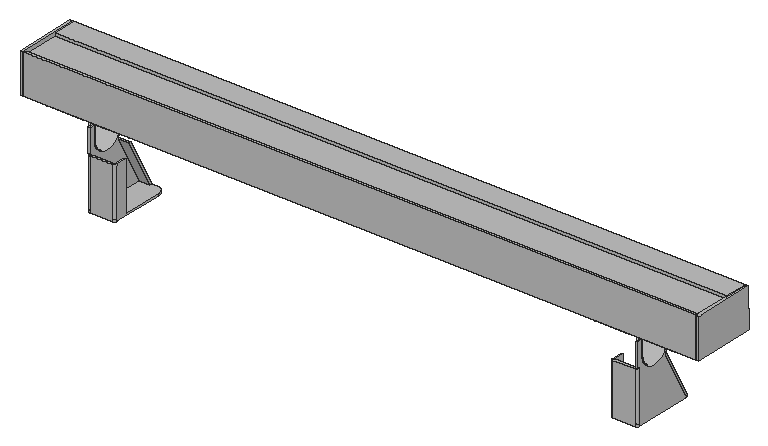
Revit family "4070751+4070747+4070771 Feilo Sylvania Lighting Fixtures CURSUS 591MM 414LM OVAL LED 3K with SINGLE WALL HOUSING with 70MM WALL BRACKET", category Lighting Fixtures, host Face, Revit 2017
Family settings
  Host = Face
  Round Connector Dimension = Use Diameter
  Part Type = Normal
  OmniClass Number = 23.80.70.14
  OmniClass Title = Luminaries for External Lighting
  Cut with Voids When Loaded = Yes
  Light Source = No
  Shared = No
  Room Calculation Point = No
Parameters (values of type "4070751 CURSUS 591MM 414LM OVAL LED 3K")
  Weight = "1.2 kg"
  Wattage Comments = "n/a"
  WarrantyStartDate [instance] = "n/a"
  WarrantyGuarantorParts = "n/a"
  WarrantyDurationUnit = "n/a"
  WarrantyDurationParts = "n/a"
  WarrantyDescription = "n/a"
  Voltage = 24 V
  URL = "http://www.sylvania-lighting.com"
  TypeName = "CURSUS 591MM 414LM OVAL LED 3K"
  TypeFixture_FEILO = CURSUS with SINGLE WALL HOUSING : CURSUS 591MM 414LM OVAL LED 3K
  Type Image = <None>
  Type Comments = "n/a"
  TiltAngle [instance] = 0.00°
  StartAngle [instance] = TiltAngle + 270.00°  # 270.00°
  SerialNumber [instance] = "n/a"
  ReflectorMaterial = none
  PowerFactor = 0
  PowerConsumption = "9 W"
  NominalLength = 591 mm
  NominalHeight = 50 mm
  NominalDepth = 30 mm
  Name = "CURSUS 591MM 414LM OVAL LED 3K"
  ModelReference = Name  # "CURSUS 591MM 414LM OVAL LED 3K"
  ModelNumber = "4070751"
  Model = Name  # "CURSUS 591MM 414LM OVAL LED 3K"
  Material = "natural anodised extruded aluminium structure housing, optical system with pmma lenses diffuser"
  ManufacturerName = "Feilo Sylvania"
  Manufacturer = "Feilo Sylvania"
  LuminousEfficacy = "46 lm/W"
  LuminaireType = ""
  LightOutputRatio = "100"
  LampsType = Lamp  # "LED"
  LampNominalLuminous = "414 lm"
  LampMacAdamStep = "n/a"
  LampColourTemperature = "3000 K"
  LampColourRenderingIndex = "80"
  Lamp = "LED"
  Keynote = "16500"
  InstallationDate [instance] = "n/a"
  InputVoltage = "24V DC"
  InputNominalFrequency = "n/a"
  IngressProtection = "IP67"
  ImpactProtectionIndex = "IK07"
  IfcExportType = "IfcLightFixtureType"
  IfcExportAs = "IfcLightFixtureType"
  ExpectedLife = 50000
  EndAngle [instance] = StartAngle - 180.00°  # 90.00°
  ElectricShockClassification = "Class III"
  DurationUnit = "hours"
  DocumentationLiterature = "http://www.sylvania-lighting.com/product/en-int/products/4070751"
  DimmingControlOptions = "n/a"
  DiffuserMaterial = Diffuser-Sylvania-Glow
  Description = "LED Exterior Lighting Recessed Surface Mounted Linear Fixture, Natural anodised extruded aluminium structure. Die-cast aluminium end caps. Installation kit with harmonic steel springs., 414 lm, 9W, 46lm/W, 3000K, CRI80+,non dimmable,IP67, IK07, (HxWxD) 591x50x30mm, 3 step Mac Adam Ellipse, 1.2kg,, Classe III, 21-25V-DC, energy class : A++, A+, A"
  Default Elevation = 1219.2 mm
  CreatedOn = "1/8/2018"
  CreatedBy = ""
  Cost = 0
  built-in parameter 1114216 [instance] = (empty or 0)
  ClassificationValue = "EF_70_80"
  ClassificationName = "Uniclass2015"
  BracketWidth = 24 mm
  BracketThickness = 2 mm
  BracketHeightEnd = 32 mm
  BracketHeight = 55 mm
  BracketFlange = BracketHeight / 5  # 11 mm
  BracketExtension = 70 mm
  BracketEndReduction = 25 mm
  BracketC = 22 mm  # constant formula
  BracketDistance = 460 mm
  BracketD = BracketHeightEnd - (BracketC * (BracketHeight - BracketHeightEnd) / (BracketExtension - BracketEndReduction))  # 20.756 mm
  BodyMaterial = Body-Sylvania-Gray
  BarCode [instance] = "n/a"
  AssetType = "Fixed"
  AssetIdentifier [instance] = "n/a"
  Assembly Code = "D5020200"
  Apparent Load = 9 VA
  AccessoryMaterial = Diffuser-Sylvania-Glow
Reference planes
  plane 1 "Center (Front/Back)": y = 0
  plane 2: z = 0
  plane 3 "Center (Left/Right)": x = 0
  plane 4: x = -242
  plane 5: x = 242
  plane 6: y = 55
  plane 7: x = -218
  plane 8: x = 218
  plane 9: z = 70
  plane 10: z = 56
  plane 11: z = 2
  plane 12: z = 45
  plane 13: x = -240
  plane 14: y = 53
  plane 15: y = 2
  plane 16: x = -220
  plane 17: x = 220
  plane 18: x = 240
  plane 19: x = -230
  plane 20: x = 230
  plane 21: y = 11
  plane 22: y = 32
  plane 23: y = 30
  plane 24: z = 67
  plane 25: y = 20.756
  plane 26: y = 16
Forms (mm)
  Blend 1, solid, material "Body-Sylvania-Gray" <- "BodyMaterial"
    base sketch origin (1223.4, -4572, 2) x (0, -1, 0) y (1, 0, 0)
      loop
        line (-4625, -1453.4) -> (-4627, -1453.4) -> (-4627, -1463.4)
        arc (-4627, -1463.4) -> (-4626.414, -1464.814) -> (-4625, -1465.4) r 2
        line (-4625, -1465.4) -> (-4574, -1465.4)
        arc (-4574, -1465.4) -> (-4572.586, -1464.814) -> (-4572, -1463.4) r 2
        line (-4572, -1463.4) -> (-4572, -1443.4)
        arc (-4572, -1443.4) -> (-4572.586, -1441.986) -> (-4574, -1441.4) r 2
        line (-4574, -1441.4) -> (-4583, -1441.4) -> (-4583, -1443.4) -> (-4574, -1443.4) -> (-4574, -1463.4) -> (-4625, -1463.4) -> (-4625, -1453.4)
    top sketch origin (1223.4, -4572, 2) x (0, -1, 0) y (1, 0, 0)
      loop
        line (-4583, -1443.4) -> (-4574, -1443.4) -> (-4574, -1463.4) -> (-4602, -1463.4) -> (-4602, -1453.4) -> (-4604, -1453.4) -> (-4604, -1463.4)
        arc (-4604, -1463.4) -> (-4603.52, -1464.71) -> (-4602.309, -1465.4) r 2.028
        line (-4602.309, -1465.4) -> (-4574, -1465.4)
        arc (-4574, -1465.4) -> (-4572.586, -1464.814) -> (-4572, -1463.4) r 2
        line (-4572, -1463.4) -> (-4572, -1443.4)
        arc (-4572, -1443.4) -> (-4572.586, -1441.986) -> (-4574, -1441.4) r 2
        line (-4574, -1441.4) -> (-4583, -1441.4) -> (-4583, -1443.4)
    from 0 to 43
  Extrusion 2, solid, material "Body-Sylvania-Gray" <- "BodyMaterial"
    sketch origin (0, 0, 0) x (1, 0, 0) y (0, 1, 0)
      loop
        arc (-240, 55) -> (-241.414, 54.414) -> (-242, 53) r 2
        line (-242, 53) -> (-242, 2)
        arc (-242, 2) -> (-241.414, 0.586) -> (-240, 0) r 2
        line (-240, 0) -> (-220, 0)
        arc (-220, 0) -> (-218.586, 0.586) -> (-218, 2) r 2
        line (-218, 2) -> (-218, 47.5)
        arc (-218, 47.5) -> (-220.197, 52.803) -> (-225.5, 55) r 7.5
        line (-225.5, 55) -> (-240, 55)
      loop
        line (240, 55) -> (225.5, 55)
        arc (225.5, 55) -> (220.197, 52.803) -> (218, 47.5) r 7.5
        line (218, 47.5) -> (218, 2)
        arc (218, 2) -> (218.586, 0.586) -> (220, 0) r 2
        line (220, 0) -> (240, 0)
        arc (240, 0) -> (241.414, 0.586) -> (242, 2) r 2
        line (242, 2) -> (242, 53)
        arc (242, 53) -> (241.414, 54.414) -> (240, 55) r 2
    from 0 to 2
  Blend 3, solid, material "Body-Sylvania-Gray" <- "BodyMaterial"
    base sketch origin (1223.4, -4572, 2) x (0, -1, 0) y (1, 0, 0)
      loop
        line (-4625, -983.4) -> (-4574, -983.4) -> (-4574, -1003.4) -> (-4583, -1003.4) -> (-4583, -1005.4) -> (-4574, -1005.4)
        arc (-4574, -1005.4) -> (-4572.586, -1004.814) -> (-4572, -1003.4) r 2
        line (-4572, -1003.4) -> (-4572, -983.4)
        arc (-4572, -983.4) -> (-4572.586, -981.986) -> (-4574, -981.4) r 2
        line (-4574, -981.4) -> (-4625, -981.4)
        arc (-4625, -981.4) -> (-4626.414, -981.986) -> (-4627, -983.4) r 2
        line (-4627, -983.4) -> (-4627, -993.4) -> (-4625, -993.4) -> (-4625, -983.4)
    top sketch origin (1223.4, -4572, 2) x (0, -1, 0) y (1, 0, 0)
      loop
        line (-4602, -993.4) -> (-4602, -983.4) -> (-4574, -983.4) -> (-4574, -1003.4) -> (-4583, -1003.4) -> (-4583, -1005.4) -> (-4574, -1005.4)
        arc (-4574, -1005.4) -> (-4572.586, -1004.814) -> (-4572, -1003.4) r 2
        line (-4572, -1003.4) -> (-4572, -983.4)
        arc (-4572, -983.4) -> (-4572.586, -981.986) -> (-4574, -981.4) r 2
        line (-4574, -981.4) -> (-4602, -981.4)
        arc (-4602, -981.4) -> (-4603.414, -981.986) -> (-4604, -983.4) r 2
        line (-4604, -983.4) -> (-4604, -993.4) -> (-4602, -993.4)
    from 0 to 43
  Blend 4, solid, material "Body-Sylvania-Gray" <- "BodyMaterial"
    base sketch origin (1223.4, -4572, 45) x (0, -1, 0) y (1, 0, 0)
      loop
        line (-4604, -1465.4) -> (-4572, -1465.4) -> (-4572, -1463.4) -> (-4604, -1463.4) -> (-4604, -1465.4)
    top sketch origin (1223.4, -4572, 45) x (0, -1, 0) y (1, 0, 0)
      loop
        line (-4572, -1465.4) -> (-4572, -1463.4) -> (-4592.756, -1463.4) -> (-4592.756, -1465.4) -> (-4572, -1465.4)
    from 0 to 22
  Blend 5, solid, material "Body-Sylvania-Gray" <- "BodyMaterial"
    base sketch origin (1223.4, -4572, 45) x (0, -1, 0) y (1, 0, 0)
      loop
        line (-4604, -983.4) -> (-4572, -983.4) -> (-4572, -981.4) -> (-4604, -981.4) -> (-4604, -983.4)
    top sketch origin (1223.4, -4572, 45) x (0, -1, 0) y (1, 0, 0)
      loop
        line (-4572, -981.4) -> (-4592.756, -981.4) -> (-4592.756, -983.4) -> (-4572, -983.4) -> (-4572, -981.4)
    from 0 to 22
  Extrusion 6, void
    sketch origin (0, 0, 0) x (0, 1, 0) y (0, 0, 1)
      loop
        line (0, 45) -> (2, 45) -> (2, 46.5) -> (0, 46.5) -> (0, 45)
      loop
        line (32, 45) -> (32, 46.5) -> (30, 46.5) -> (30, 45) -> (32, 45)
    from -242 to 242
  Revolve 7, solid, not visible
    sketch origin (1524, 16, 1219.2) x (1, 0, 0) y (0, 0, 1)
      loop
        line (-1524, -1152.2) -> (-1524, -1163.2) -> (-1294, -1163.2) -> (-1294, -1152.2) -> (-1524, -1152.2)
      axis (-1294, -1163.2) -> (-1524, -1163.2)
    angle from 270 <- "StartAngle" to 90 <- "EndAngle"
Cuts and joins
  Extrusion 6 cuts Blend 4
  Extrusion 6 cuts Blend 5
  joined: Blend 1, Extrusion 2, Blend 3, Blend 4, Blend 5
Lines and regions (mm)
  reference lines, not visible
    curve 1: line (-218, 16, 56) -> (218, 16, 56)
Dimensions and locks
  equal spacing: plane 4, plane 3 "Center (Left/Right)", plane 5
  "BracketDistance": plane 19 to plane 20
  "BracketHeight": plane 1 "Center (Front/Back)" to plane 6
  equal spacing: plane 7, plane 3 "Center (Left/Right)", plane 8
  "BracketWidth": plane 4 to plane 7
  "BracketExtension": plane 9 to plane 2
  "BracketThickness": plane 11 to plane 2
  "BracketEndReduction": plane 9 to plane 12
  equal spacing: plane 13, plane 3 "Center (Left/Right)", plane 18
  equal spacing: plane 16, plane 3 "Center (Left/Right)", plane 17
  "BracketThickness": plane 4 to plane 13
  "BracketThickness": plane 16 to plane 7
  "BracketThickness": plane 14 to plane 6
  "BracketThickness": plane 1 "Center (Front/Back)" to plane 15
  equal spacing: plane 4, plane 19, plane 7
  equal spacing: plane 8, plane 20, plane 5
  "BracketFlange": plane 1 "Center (Front/Back)" to plane 21
  "BracketHeightEnd": plane 1 "Center (Front/Back)" to plane 22
  "BracketThickness": plane 23 to plane 22
  locked: Extrusion 2 sketch curve to plane 7 at 7.5
  locked: Extrusion 2 sketch curve to plane 6 at 7.5  (x2)
  locked: plane 8 to Extrusion 2 sketch curve at 7.5
  "BracketC": plane 24 to plane 12
  "BracketD": plane 1 "Center (Front/Back)" to plane 25
  locked: plane 12 to Extrusion 6 sketch curve at 1.5
  equal spacing: plane 24, plane 10, plane 12
  equal spacing: plane 1 "Center (Front/Back)", plane 26, plane 22
  aligned and locked: plane 2 to host face
  aligned and locked: level to host face
  aligned and locked: plane 4 to Blend 1 sketch curve  (x2)
  aligned and locked: plane 13 to Blend 1 sketch curve  (x3)
  aligned and locked: Blend 1 sketch curve to plane 15
  aligned and locked: Blend 1 sketch curve to plane 16
  aligned and locked: Blend 1 sketch curve to plane 21
  aligned and locked: plane 7 to Blend 1 sketch curve
  aligned and locked: plane 16 to Blend 1 sketch curve
  aligned and locked: plane 1 "Center (Front/Back)" to Blend 1 sketch curve
  aligned and locked: plane 14 to Blend 1 sketch curve
  aligned and locked: Blend 1 sketch curve to var sketch  (x6)
  aligned and locked: Blend 1 sketch curve to plane 19
  aligned and locked: Blend 1 sketch curve to plane 22
  aligned and locked: plane 23 to Blend 1 sketch curve
  aligned and locked: plane 11 to Blend 1
  aligned and locked: Extrusion 2 sketch curve to Blend 1  (x3)
  aligned and locked: Extrusion 2 to level
  aligned and locked: Extrusion 2 to plane 11
  aligned and locked: Extrusion 2 sketch curve to plane 7
  aligned and locked: plane 18 to Blend 3 sketch curve  (x4)
  aligned and locked: plane 14 to Blend 3 sketch curve  (x2)
  aligned and locked: Blend 3 sketch curve to plane 20
  aligned and locked: Blend 3 sketch curve to plane 6
  aligned and locked: plane 5 to Blend 3 sketch curve
  aligned and locked: plane 1 "Center (Front/Back)" to Blend 3 sketch curve
  aligned and locked: plane 15 to Blend 3 sketch curve  (x2)
  aligned and locked: Blend 3 sketch curve to plane 8
  aligned and locked: Blend 3 sketch curve to plane 21
  aligned and locked: plane 17 to Blend 3 sketch curve
  aligned and locked: Blend 3 sketch curve to plane 18
  aligned and locked: plane 20 to Blend 3 sketch curve  (x2)
  aligned and locked: Blend 3 sketch curve to plane 23
  aligned and locked: Blend 3 sketch curve to var sketch  (x8)
  aligned and locked: var sketch to Blend 3 sketch curve
  aligned and locked: plane 22 to Blend 3 sketch curve
  aligned and locked: plane 11 to Blend 3
  aligned and locked: Extrusion 2 sketch curve to Blend 3  (x4)
  aligned and locked: Blend 1 to plane 12
  aligned and locked: Blend 3 to plane 12
  aligned and locked: Blend 4 sketch curve to plane 22
  aligned and locked: Blend 4 sketch curve to cut or joined group of Blend 1, Extrusion 2, Blend 3, Blend 4, Blend 5, Extrusion 6  (x2)
  aligned and locked: cut or joined group of Blend 1, Extrusion 2, Blend 3, Blend 4, Blend 5, Extrusion 6 to Blend 4 sketch curve
  aligned and locked: Blend 4 sketch curve to var sketch  (x2)
  aligned and locked: Blend 4 sketch curve to plane 13
  aligned and locked: Blend 4 to plane 24
  aligned and locked: Blend 4 sketch curve to plane 25
  aligned and locked: Blend 5 sketch curve to plane 18  (x2)
  aligned and locked: plane 1 "Center (Front/Back)" to Blend 5 sketch curve
  aligned and locked: plane 5 to Blend 5 sketch curve
  aligned and locked: plane 22 to Blend 5 sketch curve
  aligned and locked: Blend 5 sketch curve to var sketch
  aligned and locked: var sketch to Blend 5 sketch curve
  aligned and locked: Blend 5 sketch curve to plane 25
  aligned and locked: Blend 5 to plane 24
  aligned and locked: plane 12 to Blend 5
  aligned and locked: Extrusion 6 sketch curve to cut or joined group of Blend 1, Extrusion 2, Blend 3, Blend 4, Blend 5, Extrusion 6  (x2)
  aligned and locked: Extrusion 6 sketch curve to Extrusion 6 sketch curve
  aligned and locked: Extrusion 6 sketch curve to plane 15
  aligned and locked: plane 5 to Extrusion 6
  aligned and locked: Extrusion 6 to plane 4
  aligned and locked: Extrusion 6 sketch curve to plane 23
  aligned and locked: Revolve 7 sketch curve to plane 10  (x2)
  aligned and locked: plane 24 to Revolve 7 sketch curve
  aligned and locked: plane 3 "Center (Left/Right)" to Revolve 7 sketch curve
  aligned and locked: Revolve 7 sketch curve to plane 20
  aligned and locked: plane 7 to curve 1
  aligned and locked: plane 10 to curve 1
  aligned and locked: nested 1 to plane 5
  aligned and locked: nested 2 to plane 4
  aligned and locked: nested 1 to curve 1
  aligned and locked: nested 2 to curve 1
  aligned and locked: nested 1 to nested 3
  aligned and locked: nested 3 to plane 3 "Center (Left/Right)"
Automatic sketch dimensions
  host sketch curve to host sketch curve = 2438.4 mm  (x2)
  Blend 1 sketch curve to plane 13 = 0 mm
  plane 15 to Blend 1 sketch curve = 0 mm  (x3)
  Blend 1 sketch curve to plane 23 = 0.309 mm
  plane 6 to Blend 1 sketch curve = 0 mm
  plane 14 to Blend 1 sketch curve = 0 mm
  Blend 1 sketch curve to plane 19 = 0 mm
  Blend 3 sketch curve to plane 17 = 0 mm
  Extrusion 6 sketch curve to plane 1 "Center (Front/Back)" = 0 mm
  plane 12 to Extrusion 6 sketch curve = 0 mm
  Revolve 7 sketch curve to plane 4 = 1153 mm
  plane 5 to Revolve 7 sketch curve = 1161.4 mm
  curve 1 to plane 8 = 0 mm
Nested families
  nested 1: "MountingPlate" at (241, 16, 56) x (-1, 0, 0) z (0, 0, 1), type "MountingPlate"
  nested 2: "MountingPlate" at (-241, 16, 56) x (-1, 0, 0) z (0, 0, 1), type "MountingPlate"
  nested 3: "CURSUS with SINGLE WALL HOUSING" at (0, -4, 74) x (-1, 0, 0) z (0, 0, 1), type <- "TypeFixture_FEILO", type "CURSUS 591MM 414LM OVAL LED 3K"
    with WarrantyStartDate "n/a", SerialNumber "n/a", InstallationDate "n/a", EndCapRight yes, EndCapLeft yes, built-in parameter 1114216 (empty or 0), BarCode "n/a", AssetIdentifier "n/a"
Connectors
  electrical at (0, 0, 0), driven by "Voltage", driven by "Apparent Load", driven by "PowerFactor"
    settings: index 1, voltage 24 V, apparent load 9 VA, apparent load phase1 0 VA, apparent load phase2 0 VA, apparent load phase3 0 VA, power factor 0, load classification "Other", number of poles 1, system type 30, power factor state 1, is connector primary yes, connector utility no, sub classification motor no, connector description ""
Definition of nested family "MountingPlate"
  Parameters (values of type "MountingPlate")
    URL = "http://www.feilosylvania.com"
    Type Comments = "n/a"
    ReflectorMaterial = none
    MountingPlateWidth = 76 mm
    MountingPlateThickness = 2 mm
    MountingPlateRadiusBack = 12 mm
    MountingPlateRadius = 3 mm
    MountingPlateHeight = 35 mm
    Model = "n/a"
    Manufacturer = "Feilo Sylvania"
    Keynote = "n/a"
    DiffuserMaterial = none
    Description = "n/a"
    Default Elevation = 1219.2 mm
    Cost = 0
    BodyMaterial = none
    Assembly Code = "n/a"
    AccessoryMaterial = none
  Reference planes
    plane 1 "Center (Front/Back)": y = 0
    plane 2: z = 0
    plane 3 "Center (Left/Right)": x = 0
    plane 4: x = -38
    plane 5: x = 38
    plane 6: y = 17.5
    plane 7: y = -17.5
    plane 8: x = -3
    plane 9: x = 3
    plane 10: z = 18
    plane 11: z = 16
    plane 12: y = 12.5
    plane 13: y = -12.5
    plane 14: x = -1
    plane 15: x = 1
    plane 16: z = -12.5
    plane 17: z = -14.5
  Forms (mm)
    Extrusion 1, solid
      sketch origin (1.653, 0, 0) x (1, 0, 0) y (0, 1, 0)
        loop
          line (-1219.2, 1219.2) -> (-1219.2, -1219.2) -> (1219.2, -1219.2) -> (1219.2, 1219.2) -> (-1219.2, 1219.2)
      from 0 to -304.8
    Extrusion 2, solid, material <- "BodyMaterial"
      sketch origin (1218.4, -4572, 16) x (0, -1, 0) y (-1, 0, 0)
        loop
          line (-4589.5, 1253.4) -> (-4589.5, 1224.4)
          arc (-4589.5, 1224.4) -> (-4588.621, 1222.279) -> (-4586.5, 1221.4) r 3
          line (-4586.5, 1221.4) -> (-4557.5, 1221.4)
          arc (-4557.5, 1221.4) -> (-4555.379, 1222.279) -> (-4554.5, 1224.4) r 3
          line (-4554.5, 1224.4) -> (-4554.5, 1253.4)
          arc (-4554.5, 1253.4) -> (-4555.379, 1255.521) -> (-4557.5, 1256.4) r 3
          line (-4557.5, 1256.4) -> (-4586.5, 1256.4)
          arc (-4586.5, 1256.4) -> (-4588.621, 1255.521) -> (-4589.5, 1253.4) r 3
        loop
          arc (-4589.5, 1183.4) -> (-4588.621, 1181.279) -> (-4586.5, 1180.4) r 3
          line (-4586.5, 1180.4) -> (-4557.5, 1180.4)
          arc (-4557.5, 1180.4) -> (-4555.379, 1181.279) -> (-4554.5, 1183.4) r 3
          line (-4554.5, 1183.4) -> (-4554.5, 1212.4)
          arc (-4554.5, 1212.4) -> (-4555.379, 1214.521) -> (-4557.5, 1215.4) r 3
          line (-4557.5, 1215.4) -> (-4586.5, 1215.4)
          arc (-4586.5, 1215.4) -> (-4588.621, 1214.521) -> (-4589.5, 1212.4) r 3
          line (-4589.5, 1212.4) -> (-4589.5, 1183.4)
      from 0 to -2
    Extrusion 3, solid, material <- "BodyMaterial"
      sketch origin (0, 0, 0) x (1, 0, 0) y (0, 0, 1)
        loop
          line (-3, 18) -> (-3, -12.5) -> (-1, -12.5) -> (-1, 16)
          arc (-1, 16) -> (-1.586, 17.414) -> (-3, 18) r 2
        loop
          line (3, -12.5) -> (3, 18)
          arc (3, 18) -> (1.586, 17.414) -> (1, 16) r 2
          line (1, 16) -> (1, -12.5) -> (3, -12.5)
      from -12.5 to 12.5
    Extrusion 4, void
      sketch origin (0, 0, 0) x (0, 1, 0) y (0, 0, 1)
        loop
          line (-12.5, -0.5) -> (-17.5, -0.5) -> (-17.5, -14.5) -> (-0.5, -14.5) -> (-0.5, -12.5)
          arc (-0.5, -12.5) -> (-8.985, -8.985) -> (-12.5, -0.5) r 12
        loop
          line (0.5, -12.5) -> (0.5, -14.5) -> (17.5, -14.5) -> (17.5, -0.5) -> (12.5, -0.5)
          arc (12.5, -0.5) -> (8.985, -8.985) -> (0.5, -12.5) r 12
      from -3 to 3
  Cuts and joins
    Extrusion 4 cuts Extrusion 2
    Extrusion 4 cuts Extrusion 3
    joined: Extrusion 2, Extrusion 3
  Lines and regions (mm)
    reference lines
      curve 1: line (-38, 0, 0) -> (38, 0, 0)
  Dimensions and locks
    equal spacing: plane 4, plane 3 "Center (Left/Right)", plane 5
    "MountingPlateWidth": plane 4 to plane 5
    equal spacing: plane 7, plane 1 "Center (Front/Back)", plane 6
    "MountingPlateHeight": plane 7 to plane 6
    equal spacing: plane 8, plane 3 "Center (Left/Right)", plane 9
    "MountingPlateHeight": plane 4 to plane 8
    locked: plane 10 to plane 2 at 18
    "MountingPlateThickness": plane 10 to plane 11
    equal spacing: plane 13, plane 1 "Center (Front/Back)", plane 12
    locked: plane 13 to plane 12 at 25
    "MountingPlateRadius": plane 4 to Extrusion 2 sketch curve  (x2)
    "MountingPlateRadius": Extrusion 2 sketch curve to plane 6  (x4)
    "MountingPlateRadius": Extrusion 2 sketch curve to plane 8  (x2)
    "MountingPlateRadius": plane 7 to Extrusion 2 sketch curve  (x4)
    "MountingPlateRadius": plane 9 to Extrusion 2 sketch curve  (x2)
    "MountingPlateRadius": Extrusion 2 sketch curve to plane 5  (x2)
    equal spacing: plane 15, plane 3 "Center (Left/Right)", plane 14
    "MountingPlateThickness": plane 14 to plane 8
    locked: plane 2 to plane 16 at 12.5
    locked: plane 17 to plane 16 at 2
    "MountingPlateRadiusBack": plane 13 to Extrusion 4 sketch curve
    "MountingPlateRadiusBack": plane 16 to Extrusion 4 sketch curve  (x2)
    "MountingPlateRadiusBack": Extrusion 4 sketch curve to plane 12
    aligned and locked: plane 2 to Extrusion 1
    aligned and locked: level to Extrusion 1
    aligned and locked: Extrusion 2 sketch curve to plane 6
    aligned and locked: Extrusion 2 sketch curve to plane 4
    aligned and locked: plane 7 to Extrusion 2 sketch curve
    aligned and locked: plane 8 to Extrusion 2 sketch curve
    aligned and locked: plane 6 to Extrusion 2 sketch curve
    aligned and locked: Extrusion 2 sketch curve to plane 5
    aligned and locked: Extrusion 2 sketch curve to plane 7
    aligned and locked: plane 9 to Extrusion 2 sketch curve
    aligned and locked: Extrusion 2 to plane 10
    aligned and locked: plane 11 to Extrusion 2
    aligned and locked: Extrusion 3 sketch curve to Extrusion 2  (x2)
    aligned and locked: plane 16 to Extrusion 3 sketch curve  (x2)
    aligned and locked: plane 14 to Extrusion 3 sketch curve
    aligned and locked: plane 9 to Extrusion 3 sketch curve
    aligned and locked: plane 15 to Extrusion 3 sketch curve
    aligned and locked: Extrusion 3 to plane 12
    aligned and locked: plane 13 to Extrusion 3
    aligned and locked: plane 17 to Extrusion 4 sketch curve  (x2)
    aligned and locked: Extrusion 4 sketch curve to plane 7
    aligned and locked: Extrusion 4 sketch curve to plane 6
    aligned and locked: plane 9 to Extrusion 4
    aligned and locked: Extrusion 4 to plane 8
    aligned and locked: plane 4 to curve 1
    aligned and locked: curve 1 to level
  Automatic sketch dimensions
    Extrusion 1 sketch curve to Extrusion 1 sketch curve = 2438.4 mm  (x2)
    Extrusion 3 sketch curve to plane 11 = 0 mm
    curve 1 to plane 5 = 0 mm
    Extrusion 4 sketch curve to plane 13 = 0 mm
    Extrusion 4 sketch curve to plane 12 = 0 mm
Definition of nested family "CURSUS with SINGLE WALL HOUSING"
  Parameters (values of type "CURSUS 1161MM 827LM OVAL LED 3K")
    Width_FEILO = 35 mm
    Weight = "2.2 kg"
    Wattage Comments = "n/a"
    Wattage = 18 W
    WarrantyStartDate [instance] = "n/a"
    WarrantyGuarantorParts = "n/a"
    WarrantyDurationUnit = "n/a"
    WarrantyDurationParts = "n/a"
    WarrantyDescription = "n/a"
    WallThickness_FEILO = 2.5 mm
    built-in parameter 1150110 = 1 (stored number, unit not read)
    Voltage = 24 V
    URL = "http://www.feilosylvania.com"
    TypeName = "CURSUS 1161MM 827LM OVAL LED 3K"
    Type Image = (empty or 0)
    Type Comments = "n/a"
    built-in parameter 1114217 = 1 (stored number, unit not read)
    Tilt Angle = -90.00°
    built-in parameter 1150109 = 1 (stored number, unit not read)
    built-in parameter 1150134 = (empty or 0)
    built-in parameter 1150113 = 1 (stored number, unit not read)
    SerialNumber [instance] = "n/a"
    ReflectorMaterial = none
    PowerFactor = 0
    PowerConsumption = "18 W"
    Photometric Web File = "4070765.ies"
    NominalLength = 1161 mm
    NominalHeight = 50 mm
    NominalDepth = 30 mm
    Name = "CURSUS 1161MM 827LM OVAL LED 3K"
    ModelReference = Name  # "CURSUS 1161MM 827LM OVAL LED 3K"
    ModelNumber = ""
    Model = Name  # "CURSUS 1161MM 827LM OVAL LED 3K"
    Material = "natural anodised extruded aluminium structure housing, optical system with pmma lenses diffuser"
    ManufacturerName = "Feilo Sylvania"
    Manufacturer = "Feilo Sylvania"
    LuminousEfficacy = "45.94 lm/W"
    built-in parameter 1150105 = 1166.5 (stored number, unit not read)
    Lumens = 827 lm
    LuminaireType = ""
    built-in parameter 1150115 = 1 (stored number, unit not read)
    LightOutputRatio = "100"
    built-in parameter 1150137 = (empty or 0)
    built-in parameter 1150139 = (empty or 0)
    Length_FEILO = 1167 mm
    LampsType = Lamp  # "LED"
    LampNominalLuminous = "827 lm"
    LampMacAdamStep = "n/a"
    LampColourTemperature = "3000 K"
    LampColourRenderingIndex = "80"
    built-in parameter 1150112 = 1 (stored number, unit not read)
    built-in parameter 1150114 = 1 (stored number, unit not read)
    Lamp = "LED"
    Keynote = "16500"
    InstallationDate [instance] = "n/a"
    InputVoltage = "24V DC"
    InputNominalFrequency = "n/a"
    built-in parameter 1150132 = (empty or 0)
    built-in parameter 1150102 = (empty or 0)
    built-in parameter 1150107 = 3000 (stored number, unit not read)
    built-in parameter 1150138 = (empty or 0)
    IngressProtection = "IP67"
    ImpactProtectionIndex = "IK07"
    built-in parameter 1150106 = 11.665 (stored number, unit not read)
    IfcExportType = "IfcLightFixtureType"
    IfcExportAs = "IfcLightFixtureType"
    ExpectedLife = 50000
    EndCapRight [instance] = yes
    EndCapLeft [instance] = yes
    Emit from Rectangle Width = Width_FEILO - WallThickness_FEILO * 2  # 30 mm
    Emit from Rectangle Length = Length_FEILO - WallThickness_FEILO * 2  # 1162 mm
    Emit Shape Visible in Rendering = no
    ElectricShockClassification = "Class III"
    built-in parameter 1150104 = 4.2684 (stored number, unit not read)
    DurationUnit = "hours"
    DocumentationLiterature = "http://www.feilosylvania.com/product/en-int/products/4070765"
    DimmingControlOptions = "n/a"
    Dimming Lamp Color Temperature Shift = (empty or 0)
    DiffuserMaterial = none
    Description = "LED Exterior Lighting Recessed Surface Mounted Linear Fixture, Natural anodised extruded aluminium structure. Die-cast aluminium end caps. Installation kit with harmonic steel springs., 827 lm, 18W, 45lm/W, 3000K, CRI80+,non dimmable,IP67, IK07, (HxWxD) 1161x50x30mm, 3 step Mac Adam Ellipse, 2.2kg,, Classe III, 21-25V-DC, energy class : A++, A+, A"
    Default Elevation = 1219.2 mm
    CreatedOn = "1/8/2018"
    CreatedBy = "aron.fodor@feilosylvania.com"
    Cost = 0
    Color Filter = 16777215
    built-in parameter 1114216 [instance] = (empty or 0)
    ClassificationValue = "EF_70_80"
    ClassificationName = "Uniclass2015"
    BodyMaterial = none
    BarCode [instance] = "n/a"
    built-in parameter 1114218 = 1 (stored number, unit not read)
    built-in parameter 1150133 = 10 (stored number, unit not read)
    AssetType = "Fixed"
    AssetIdentifier [instance] = "n/a"
    Assembly Code = "D5020200"
    Apparent Load = 18 VA
    AccessoryMaterial = none
  Types (16, lengths in mm): name | Weight | Wattage | Voltage | TypeName | built-in parameter 1150134 | PowerConsumption | Photometric Web File | NominalLength | Name | ModelReference | Model | Material | LuminousEfficacy | built-in parameter 1150105 | Lumens | Length_FEILO | LampNominalLuminous | LampColourTemperature | InputVoltage | InputNominalFrequency | built-in parameter 1150107 | built-in parameter 1150106 | Emit from Rectangle Length | built-in parameter 1150104 | DocumentationLiterature | Description | Apparent Load
    CURSUS 1161MM 827LM OVAL LED 3K | "2.2 kg" | 18 W | 24 V | "CURSUS 1161MM 827LM OVAL LED 3K" | (empty or 0) | "18 W" | "4070765.ies" | 1161 | "CURSUS 1161MM 827LM OVAL LED 3K" | "CURSUS 1161MM 827LM OVAL LED 3K" | "CURSUS 1161MM 827LM OVAL LED 3K" | "natural anodised extruded aluminium structure housing, optical system with pmma lenses diffuser" | "45.94 lm/W" | 1166.5 (stored number, unit not read) | 827 lm | 1167 | "827 lm" | "3000 K" | "24V DC" | "n/a" | 3000 (stored number, unit not read) | 11.665 (stored number, unit not read) | 1162 | 4.2684 (stored number, unit not read) | "http://www.feilosylvania.com/product/en-int/products/4070765" | "LED Exterior Lighting Recessed Surface Mounted Linear Fixture, Natural anodised extruded aluminium structure. Die-cast aluminium end caps. Installation kit with harmonic steel springs., 827 lm, 18W, 45lm/W, 3000K, CRI80+,non dimmable,IP67, IK07, (HxWxD) 1161x50x30mm, 3 step Mac Adam Ellipse, 2.2kg,, Classe III, 21-25V-DC, energy class : A++, A+, A" | 18 VA
    CURSUS 1161MM 731LM WIDE LED 3K | "2.2 kg" | 18 W | 230 V | "CURSUS 1161MM 731LM WIDE LED 3K" | (empty or 0) | "18 W" | "4070764.ies" | 1161 | "CURSUS 1161MM 731LM WIDE LED 3K" | "CURSUS 1161MM 731LM WIDE LED 3K" | "CURSUS 1161MM 731LM WIDE LED 3K" | "natural anodised extruded aluminium structure housing" | "40.61 lm/W" | 403.47 (stored number, unit not read) | 731 lm | 1167 | "731 lm" | "3000 K" | "220-240V~" | "n/a" | 3000 (stored number, unit not read) | 4.0347 (stored number, unit not read) | 1162 | 3.7729 (stored number, unit not read) | "http://www.feilosylvania.com/product/en-int/products/4070764" | "LED Exterior Lighting Recessed Surface Mounted Linear Fixture, Natural anodised extruded aluminium structure. Die-cast aluminium end caps. Installation kit with harmonic steel springs., 731 lm, 18W, 40lm/W, 3000K, CRI80+,non dimmable,IP67, IK07, (HxWxD) 1161x50x30mm, 3 step Mac Adam Ellipse, 2.2kg,, Classe III, 21-25V-DC, energy class : A++, A+, A" | 18 VA
    CURSUS 1161MM 871LM OVAL LED 4K | "2.2 kg" | 18 W | 24 V | "CURSUS 1161MM 871LM OVAL LED 4K" | 12 | "18 W" | "4070763.ies" | 1161 | "CURSUS 1161MM 871LM OVAL LED 4K" | "CURSUS 1161MM 871LM OVAL LED 4K" | "CURSUS 1161MM 871LM OVAL LED 4K" | "natural anodised extruded aluminium structure housing, optical system with pmma lenses diffuser" | "48.38 lm/W" | 1192.8 (stored number, unit not read) | 871 lm | 1167 | "871 lm" | "4000 K" | "24V DC" | "50/60 Hz" | 4000 (stored number, unit not read) | 11.928 (stored number, unit not read) | 1162 | 4.4955 (stored number, unit not read) | "http://www.feilosylvania.com/product/en-int/products/4070763" | "LED Exterior Lighting Recessed Surface Mounted Linear Fixture, Natural anodised extruded aluminium structure. Die-cast aluminium end caps. Installation kit with harmonic steel springs., 871 lm, 18W,  48lm/W, 4000K, CRI80+,non dimmable,IP67, IK07, (HxWxD) 1161x50x30mm, 3 step Mac Adam Ellipse, 2.2kg,, Classe III, 21-25V-DC, energy class : A++, A+, A" | 18 VA
    CURSUS 1161MM 770LM WIDE LED 4K | "2.2 kg" | 18 W | 230 V | "CURSUS 1161MM 770LM WIDE LED 4K" | 12 | "18 W" | "4070762.ies" | 1161 | "CURSUS 1161MM 770LM WIDE LED 4K" | "CURSUS 1161MM 770LM WIDE LED 4K" | "CURSUS 1161MM 770LM WIDE LED 4K" | "natural anodised extruded aluminium structure housing" | "42.77 lm/W" | 424.94 (stored number, unit not read) | 770 lm | 1167 | "770 lm" | "4000 K" | "220-240V~" | "n/a" | 4000 (stored number, unit not read) | 4.2494 (stored number, unit not read) | 1162 | 3.9742 (stored number, unit not read) | "http://www.feilosylvania.com/product/en-int/products/4070762" | "LED Exterior Lighting Recessed Surface Mounted Linear Fixture, Natural anodised extruded aluminium structure. Die-cast aluminium end caps. Installation kit with harmonic steel springs., 770 lm, 18W,  42lm/W, 4000K, CRI80+,non dimmable,IP67, IK07, (HxWxD) 1161x50x30mm, 3 step Mac Adam Ellipse, 2.2kg,, Classe III, 21-25V-DC, energy class : A++, A+, A" | 18 VA
    CURSUS 876MM 620LM OVAL LED 3K | "1.7 kg" | 13.5 W | 24 V | "CURSUS 876MM 620LM OVAL LED 3K" | (empty or 0) | "13.5 W" | "4070758.ies" | 876 | "CURSUS 876MM 620LM OVAL LED 3K" | "CURSUS 876MM 620LM OVAL LED 3K" | "CURSUS 876MM 620LM OVAL LED 3K" | "natural anodised extruded aluminium structure housing, optical system with pmma lenses diffuser" | "45.92 lm/W" | 874.55 (stored number, unit not read) | 620 lm | 882 | "620 lm" | "3000 K" | "24V DC" | "50/60 Hz" | 3000 (stored number, unit not read) | 8.7455 (stored number, unit not read) | 877 | 4.2667 (stored number, unit not read) | "http://www.feilosylvania.com/product/en-int/products/4070758" | "LED Exterior Lighting Recessed Surface Mounted Linear Fixture, Natural anodised extruded aluminium structure. Die-cast aluminium end caps. Installation kit with harmonic steel springs., 620 lm, 13,5W, 45lm/W, 3000K, CRI80+,non dimmable,IP67, IK07, (HxWxD) 876x50x30mm, 3 step Mac Adam Ellipse, 1.7kg,, Classe III, 21-25V-DC, energy class : A++, A+, A" | 13.5 VA
    CURSUS 876MM 548LM WIDE LED 3K | "1.7 kg" | 13.5 W | 24 V | "CURSUS 876MM 548LM WIDE LED 3K" | (empty or 0) | "13.5 W" | "4070757.ies" | 876 | "CURSUS 876MM 548LM WIDE LED 3K" | "CURSUS 876MM 548LM WIDE LED 3K" | "CURSUS 876MM 548LM WIDE LED 3K" | "natural anodised extruded aluminium structure housing" | "40.59 lm/W" | 302.47 (stored number, unit not read) | 548 lm | 882 | "548 lm" | "3000 K" | "24V DC" | "n/a" | 3000 (stored number, unit not read) | 3.0247 (stored number, unit not read) | 877 | 3.7712 (stored number, unit not read) | "http://www.feilosylvania.com/product/en-int/products/4070757" | "LED Exterior Lighting Recessed Surface Mounted Linear Fixture, Natural anodised extruded aluminium structure. Die-cast aluminium end caps. Installation kit with harmonic steel springs., 548 lm, 13,5W, 40lm/W, 3000K, CRI80+,non dimmable,IP67, IK07, (HxWxD) 876x50x30mm, 3 step Mac Adam Ellipse, 1.7kg,, Classe III, 21-25V-DC, energy class : A++, A+, A" | 13.5 VA
    CURSUS 876MM 653LM OVAL LED 4K | "1.7 kg" | 13.5 W | 24 V | "CURSUS 876MM 653LM OVAL LED 4K" | 12 | "13.5 W" | "4070756.ies" | 876 | "CURSUS 876MM 653LM OVAL LED 4K" | "CURSUS 876MM 653LM OVAL LED 4K" | "CURSUS 876MM 653LM OVAL LED 4K" | "natural anodised extruded aluminium structure housing, optical system with pmma lenses diffuser" | "48.37 lm/W" | 894.28 (stored number, unit not read) | 653 lm | 882 | "653 lm" | "4000 K" | "24V DC" | "n/a" | 4000 (stored number, unit not read) | 8.9428 (stored number, unit not read) | 877 | 4.4938 (stored number, unit not read) | "http://www.feilosylvania.com/product/en-int/products/4070756" | "LED Exterior Lighting Recessed Surface Mounted Linear Fixture, Natural anodised extruded aluminium structure. Die-cast aluminium end caps. Installation kit with harmonic steel springs., 653 lm, 13,5W,  48lm/W, 4000K, CRI80+,non dimmable,IP67, IK07, (HxWxD) 876x50x30mm, 3 step Mac Adam Ellipse, 1.7kg,, Classe III, 21-25V-DC, energy class : A++, A+, A" | 13.5 VA
    CURSUS 876MM 577LM WIDE LED 4K | "1.7 kg" | 13.5 W | 24 V | "CURSUS 876MM 577LM WIDE LED 4K" | 12 | "13.5 W" | "4070755.ies" | 876 | "CURSUS 876MM 577LM WIDE LED 4K" | "CURSUS 876MM 577LM WIDE LED 4K" | "CURSUS 876MM 577LM WIDE LED 4K" | "natural anodised extruded aluminium structure housing" | "42.74 lm/W" | 318.43 (stored number, unit not read) | 577 lm | 882 | "577 lm" | "4000 K" | "24V DC" | "n/a" | 4000 (stored number, unit not read) | 3.1843 (stored number, unit not read) | 877 | 3.9707 (stored number, unit not read) | "http://www.feilosylvania.com/product/en-int/products/4070755" | "LED Exterior Lighting Recessed Surface Mounted Linear Fixture, Natural anodised extruded aluminium structure. Die-cast aluminium end caps. Installation kit with harmonic steel springs., 577 lm, 13,5W,  42lm/W, 4000K, CRI80+,non dimmable,IP67, IK07, (HxWxD) 876x50x30mm, 3 step Mac Adam Ellipse, 1.7kg,, Classe III, 21-25V-DC, energy class : A++, A+, A" | 13.5 VA
    CURSUS 591MM 414LM OVAL LED 3K | "1.2 kg" | 9 W | 24 V | "CURSUS 591MM 414LM OVAL LED 3K" | (empty or 0) | "9 W" | "4070751.ies" | 591 | "CURSUS 591MM 414LM OVAL LED 3K" | "CURSUS 591MM 414LM OVAL LED 3K" | "CURSUS 591MM 414LM OVAL LED 3K" | "natural anodised extruded aluminium structure housing, optical system with pmma lenses diffuser" | "46 lm/W" | 583.97 (stored number, unit not read) | 414 lm | 597 | "414 lm" | "3000 K" | "24V DC" | "n/a" | 3000 (stored number, unit not read) | 5.8397 (stored number, unit not read) | 592 | 4.2735 (stored number, unit not read) | "http://www.feilosylvania.com/product/en-int/products/4070751" | "LED Exterior Lighting Recessed Surface Mounted Linear Fixture, Natural anodised extruded aluminium structure. Die-cast aluminium end caps. Installation kit with harmonic steel springs., 414 lm, 9W, 46lm/W, 3000K, CRI80+,non dimmable,IP67, IK07, (HxWxD) 591x50x30mm, 3 step Mac Adam Ellipse, 1.2kg,, Classe III, 21-25V-DC, energy class : A++, A+, A" | 9 VA
    CURSUS 591MM 365LM WIDE LED 3K | "1.2 kg" | 9 W | 24 V | "CURSUS 591MM 365LM WIDE LED 3K" | (empty or 0) | "9 W" | "4070750.ies" | 591 | "CURSUS 591MM 365LM WIDE LED 3K" | "CURSUS 591MM 365LM WIDE LED 3K" | "CURSUS 591MM 365LM WIDE LED 3K" | "natural anodised extruded aluminium structure housing" | "40.55 lm/W" | 201.45 (stored number, unit not read) | 365 lm | 597 | "365 lm" | "3000 K" | "24V DC" | "n/a" | 3000 (stored number, unit not read) | 2.0145 (stored number, unit not read) | 592 | 3.7677 (stored number, unit not read) | "http://www.feilosylvania.com/product/en-int/products/4070750" | "LED Exterior Lighting Recessed Surface Mounted Linear Fixture, Natural anodised extruded aluminium structure. Die-cast aluminium end caps. Installation kit with harmonic steel springs., 365 lm, 9W, 40lm/W, 3000K, CRI80+,non dimmable,IP67, IK07, (HxWxD) 591x50x30mm, 3 step Mac Adam Ellipse, 1.2kg,, Classe III, 21-25V-DC, energy class : A++, A+, A" | 9 VA
    CURSUS 591MM 435LM OVAL LED 4K | "1.2 kg" | 9 W | 24 V | "CURSUS 591MM 435LM OVAL LED 4K" | 12 | "9 W" | "4070749.ies" | 591 | "CURSUS 591MM 435LM OVAL LED 4K" | "CURSUS 591MM 435LM OVAL LED 4K" | "CURSUS 591MM 435LM OVAL LED 4K" | "natural anodised extruded aluminium structure housing, optical system with pmma lenses diffuser" | "48.33 lm/W" | 595.73 (stored number, unit not read) | 435 lm | 597 | "435 lm" | "4000 K" | "24V DC" | "n/a" | 4000 (stored number, unit not read) | 5.9573 (stored number, unit not read) | 592 | 4.4903 (stored number, unit not read) | "http://www.feilosylvania.com/product/en-int/products/4070749" | "LED Exterior Lighting Recessed Surface Mounted Linear Fixture, Natural anodised extruded aluminium structure. Die-cast aluminium end caps. Installation kit with harmonic steel springs., 435 lm, 9W, 48lm/W, 4000K, CRI80+,non dimmable,IP67, IK07, (HxWxD) 591x50x30mm, 3 step Mac Adam Ellipse, 1.2kg,, Classe III, 21-25V-DC, energy class : A++, A+, A" | 9 VA
    CURSUS 591MM 385LM WIDE LED 4K | "1.2 kg" | 9 W | 24 V | "CURSUS 591MM 385LM WIDE LED 4K" | 12 | "9 W" | "4070748.ies" | 591 | "CURSUS 591MM 385LM WIDE LED 4K" | "CURSUS 591MM 385LM WIDE LED 4K" | "CURSUS 591MM 385LM WIDE LED 4K" | "natural anodised extruded aluminium structure housing" | "42.77 lm/W" | 212.47 (stored number, unit not read) | 385 lm | 597 | "385 lm" | "4000 K" | "24V DC" | "n/a" | 4000 (stored number, unit not read) | 2.1247 (stored number, unit not read) | 592 | 3.9742 (stored number, unit not read) | "http://www.feilosylvania.com/product/en-int/products/4070748" | "LED Exterior Lighting Recessed Surface Mounted Linear Fixture, Natural anodised extruded aluminium structure. Die-cast aluminium end caps. Installation kit with harmonic steel springs., 385 lm, 9W,  42lm/W, 4000K, CRI80+,non dimmable,IP67, IK07, (HxWxD) 591x50x30mm, 3 step Mac Adam Ellipse, 1.2kg,, Classe III, 21-25V-DC, energy class : A++, A+, A" | 9 VA
    CURSUS 306MM 207LM OVAL LED3K | "0.6 kg" | 4.5 W | 24 V | "CURSUS 306MM 207LM OVAL LED3K" | (empty or 0) | "4.5 W" | "4070744.ies" | 306 | "CURSUS 306MM 207LM OVAL LED3K" | "CURSUS 306MM 207LM OVAL LED3K" | "CURSUS 306MM 207LM OVAL LED3K" | "natural anodised extruded aluminium structure housing, optical system with pmma lenses diffuser" | "46 lm/W" | 291.98 (stored number, unit not read) | 207 lm | 312 | "207 lm" | "3000 K" | "24V DC" | "n/a" | 3000 (stored number, unit not read) | 2.9198 (stored number, unit not read) | 307 | 4.2735 (stored number, unit not read) | "http://www.feilosylvania.com/product/en-int/products/4070744" | "LED Exterior Lighting Recessed Surface Mounted Linear Fixture, Natural anodised extruded aluminium structure. Die-cast aluminium end caps. Installation kit with harmonic steel springs., 207 lm, 4,5W, 46lm/W, 3000K, CRI80+,non dimmable,IP67, IK07, (HxWxD) 306x50x30mm, 3 step Mac Adam Ellipse, 0.6kg,, Classe III, 21-25V-DC, energy class : A++, A+, A" | 4.5 VA
    CURSUS 306MM 183LM WIDE LED 3K | "0.6 kg" | 4.5 W | 24 V | "CURSUS 306MM 183LM WIDE LED 3K" | (empty or 0) | "4.5 W" | "4070743.ies" | 306 | "CURSUS 306MM 183LM WIDE LED 3K" | "CURSUS 306MM 183LM WIDE LED 3K" | "CURSUS 306MM 183LM WIDE LED 3K" | "natural anodised extruded aluminium structure housing" | "40.66 lm/W" | 101.01 (stored number, unit not read) | 183 lm | 312 | "183 lm" | "3000 K" | "24V DC" | "n/a" | 3000 (stored number, unit not read) | 1.0101 (stored number, unit not read) | 307 | 3.7781 (stored number, unit not read) | "http://www.feilosylvania.com/product/en-int/products/4070743" | "LED Exterior Lighting Recessed Surface Mounted Linear Fixture, Natural anodised extruded aluminium structure. Die-cast aluminium end caps. Installation kit with harmonic steel springs., 183 lm, 4,5W, 40lm/W, 3000K, CRI80+,non dimmable,IP67, IK07, (HxWxD) 306x50x30mm, 3 step Mac Adam Ellipse, 0.6kg,, Classe III, 21-25V-DC, energy class : A++, A+, A" | 4.5 VA
    CURSUS 306MM 218LM OVAL LED 4K | "0.6 kg" | 4.5 W | 24 V | "CURSUS 306MM 218LM OVAL LED 4K" | 12 | "4.5 W" | "4070742.ies" | 306 | "CURSUS 306MM 218LM OVAL LED 4K" | "CURSUS 306MM 218LM OVAL LED 4K" | "CURSUS 306MM 218LM OVAL LED 4K" | "natural anodised extruded aluminium structure housing, optical system with pmma lenses diffuser" | "48.44 lm/W" | 298.55 (stored number, unit not read) | 218 lm | 312 | "218 lm" | "4000 K" | "24V DC" | "n/a" | 4000 (stored number, unit not read) | 2.9855 (stored number, unit not read) | 307 | 4.5006 (stored number, unit not read) | "http://www.feilosylvania.com/product/en-int/products/4070742" | "LED Exterior Lighting Recessed Surface Mounted Linear Fixture, Natural anodised extruded aluminium structure. Die-cast aluminium end caps. Installation kit with harmonic steel springs., 218 lm, 4,5W,  48lm/W, 4000K, CRI80+,non dimmable,IP67, IK07, (HxWxD) 306x50x30mm, 3 step Mac Adam Ellipse, 0.6kg,, Classe III, 21-25V-DC, energy class : A++, A+, A" | 4.5 VA
    CURSUS 306MM 192LM WIDE LED 4K | "0.6 kg" | 4.5 W | 24 V | "CURSUS 306MM 192LM WIDE LED 4K" | 12 | "4.5 W" | "4070741.ies" | 306 | "CURSUS 306MM 192LM WIDE LED 4K" | "CURSUS 306MM 192LM WIDE LED 4K" | "CURSUS 306MM 192LM WIDE LED 4K" | "natural anodised extruded aluminium structure housing" | "42.66 lm/W" | 105.96 (stored number, unit not read) | 192 lm | 312 | "192 lm" | "4000 K" | "24V DC" | "n/a" | 4000 (stored number, unit not read) | 1.0596 (stored number, unit not read) | 307 | 3.9639 (stored number, unit not read) | "http://www.feilosylvania.com/product/en-int/products/4070741" | "LED Exterior Lighting Recessed Surface Mounted Linear Fixture, Natural anodised extruded aluminium structure. Die-cast aluminium end caps. Installation kit with harmonic steel springs., 192 lm, 4,5W,  42lm/W, 4000K, CRI80+,non dimmable,IP67, IK07, (HxWxD) 306x50x30mm, 3 step Mac Adam Ellipse, 0.6kg,, Classe III, 21-25V-DC, energy class : A++, A+, A" | 4.5 VA
  Reference planes
    plane 1 "Center (Front/Back)": y = 0
    plane 2: z = 0
    plane 3 "Center (Left/Right)": x = 0
    plane 4: x = 583.5
    plane 5: x = -583.5
    plane 6: x = -581
    plane 7: x = 581
    plane 8: z = 35
    plane 9: z = 17.5
    plane 10: z = 32.5
    plane 11: z = 2.5
    plane 12: z = 30
    plane 13: z = 5
    plane 14: y = -55
    plane 15: y = -53
    plane 16: y = -2.5
    plane 17: y = -37
    plane 18: y = -34.5
  Forms (mm)
    Extrusion 1, solid
      sketch origin (4.2, 0, 0) x (1, 0, 0) y (0, 1, 0)
        loop
          line (-1219.2, 1219.2) -> (-1219.2, -1219.2) -> (1219.2, -1219.2) -> (1219.2, 1219.2) -> (-1219.2, 1219.2)
      from 0 to -304.8
    Extrusion 2, solid, material <- "BodyMaterial"
      sketch origin (0, 0, 0) x (0, 1, 0) y (0, 0, 1)
        loop
          line (0, 35) -> (-2.5, 35) -> (-2.5, 32.5) -> (-34.5, 32.5) -> (-34.5, 35) -> (-55, 35) -> (-55, 32.5) -> (-37, 32.5) -> (-37, 30) -> (-2.5, 30) -> (-2.5, 5) -> (-37, 5) -> (-37, 2.5) -> (-55, 2.5) -> (-55, 0) -> (-34.5, 0) -> (-34.5, 2.5) -> (-2.5, 2.5) -> (-2.5, 0) -> (0, 0) -> (0, 35)
      from -581 to 581
    Extrusion 3, solid, material <- "DiffuserMaterial"
      sketch origin (0, 0, 0) x (0, 1, 0) y (0, 0, 1)
        loop
          line (-37, 32.5) -> (-55, 32.5) -> (-55, 19.5) -> (-53, 17.5) -> (-55, 15.5) -> (-55, 2.5) -> (-37, 2.5) -> (-37, 32.5)
      from -581 to 581
    Extrusion 4, solid, material <- "BodyMaterial", visible <- "EndCapRight"
      sketch origin (581, 1524, 1219.2) x (0, 1, 0) y (0, 0, 1)
        loop
          line (-1579, -1184.2) -> (-1579, -1219.2) -> (-1524, -1219.2) -> (-1524, -1184.2) -> (-1579, -1184.2)
      from 0 to 2.5
    Extrusion 5, solid, material <- "BodyMaterial", visible <- "EndCapLeft"
      sketch origin (-581, 1524, 1219.2) x (0, 1, 0) y (0, 0, 1)
        loop
          line (-1579, -1184.2) -> (-1579, -1219.2) -> (-1524, -1219.2) -> (-1524, -1184.2) -> (-1579, -1184.2)
      from -2.5 to 0
  Dimensions and locks
    equal spacing: plane 5, plane 3 "Center (Left/Right)", plane 4
    "Length_FEILO": plane 5 to plane 4
    equal spacing: plane 6, plane 3 "Center (Left/Right)", plane 7
    "WallThickness_FEILO": plane 5 to plane 6
    locked: plane 9 to plane 2 at 17.5
    locked: plane 8 to plane 2 at 35
    equal spacing: plane 11, plane 9, plane 10
    equal spacing: plane 13, plane 9, plane 12
    "WallThickness_FEILO": plane 12 to plane 10
    locked: plane 14 to plane 15 at 2
    locked: plane 14 to plane 17 at 18
    "WallThickness_FEILO": plane 17 to plane 18
    "WallThickness_FEILO": plane 16 to plane 1 "Center (Front/Back)"
    locked: plane 15 to Extrusion 3 sketch curve (angle 45.00°)
    locked: Extrusion 3 sketch curve to plane 15 (angle 45.00°)
    aligned and locked: plane 2 to Extrusion 1
    aligned and locked: level to Extrusion 1
    aligned and locked: plane 1 "Center (Front/Back)" to Extrusion 2 sketch curve
    aligned and locked: Extrusion 2 sketch curve to plane 8  (x2)
    aligned and locked: plane 16 to Extrusion 2 sketch curve
    aligned and locked: Extrusion 1 to Extrusion 2 sketch curve
    aligned and locked: Extrusion 2 sketch curve to plane 16  (x2)
    aligned and locked: Extrusion 2 sketch curve to plane 11
    aligned and locked: plane 18 to Extrusion 2 sketch curve
    aligned and locked: level to Extrusion 2 sketch curve
    aligned and locked: plane 11 to Extrusion 2 sketch curve
    aligned and locked: Extrusion 2 sketch curve to plane 17
    aligned and locked: plane 13 to Extrusion 2 sketch curve
    aligned and locked: Extrusion 2 sketch curve to plane 12
    aligned and locked: plane 10 to Extrusion 2 sketch curve  (x2)
    aligned and locked: plane 17 to Extrusion 2 sketch curve  (x2)
    aligned and locked: plane 12 to Extrusion 2 sketch curve
    aligned and locked: Extrusion 2 sketch curve to plane 10
    aligned and locked: Extrusion 2 sketch curve to plane 18
    aligned and locked: plane 7 to Extrusion 2
    aligned and locked: Extrusion 2 to plane 6
    aligned and locked: Extrusion 3 sketch curve to Extrusion 2  (x4)
    aligned and locked: Extrusion 2 to Extrusion 3 sketch curve
    aligned and locked: plane 9 to Extrusion 3 sketch curve
    aligned and locked: plane 7 to Extrusion 3
    aligned and locked: Extrusion 3 to plane 6
    aligned and locked: Extrusion 4 sketch curve to Extrusion 2  (x4)
    aligned and locked: plane 4 to Extrusion 4
    aligned and locked: Extrusion 4 to plane 7
    aligned and locked: Extrusion 5 sketch curve to Extrusion 4  (x3)
    aligned and locked: Extrusion 5 sketch curve to Extrusion 2
    aligned and locked: Extrusion 5 to plane 5
    aligned and locked: plane 6 to Extrusion 5
    aligned and locked: plane 14 to imposter light
    aligned and locked: imposter light to plane 9
    aligned and locked: plane 3 "Center (Left/Right)" to imposter light
  Automatic sketch dimensions
    Extrusion 1 sketch curve to Extrusion 1 sketch curve = 2438.4 mm  (x2)
    Extrusion 2 sketch curve to plane 14 = 0 mm  (x2)
    Extrusion 3 sketch curve to plane 15 = 0 mm
  Connectors
    electrical at (0, 0, 0), driven by "Apparent Load", driven by "PowerFactor", driven by "Voltage"
      settings: index 1, voltage 24 V, apparent load 18 VA, apparent load phase1 0 VA, apparent load phase2 0 VA, apparent load phase3 0 VA, power factor 0, load classification none, number of poles 1, system type 30, power factor state 1, is connector primary yes, connector utility no, sub classification motor no, connector description ""
